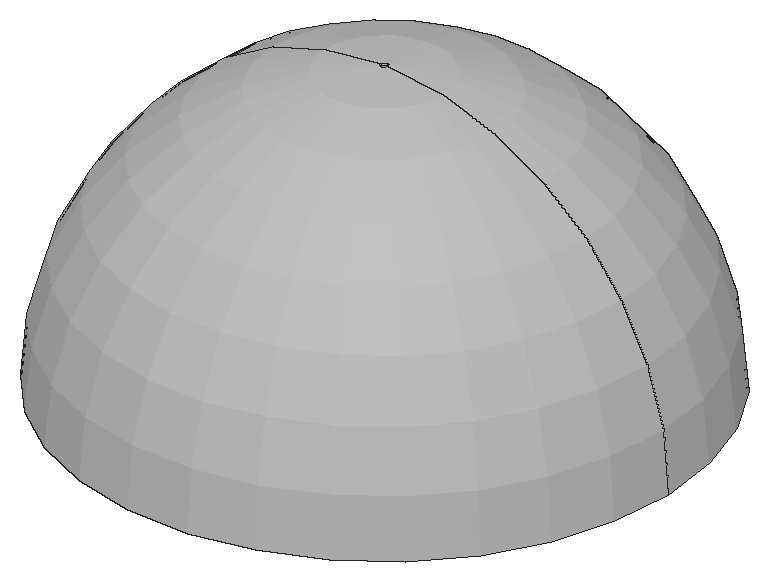
Revit family "HD42 SHADE", category Lighting Fixtures, Revit 2024
Family settings
  Round Connector Dimension = Use Diameter
  Part Type = Normal
  OmniClass Number = 23.80.70.00
  OmniClass Title = Lighting
  Work Plane-Based = No
  Always vertical = Yes
  Cut with Voids When Loaded = No
  Light Source = Yes
  Maintain Annotation Orientation = No
  Shared = No
  Room Calculation Point = No
Parameters
  Wattage = 12.1178 W
  built-in parameter 1150110 = 1 (stored number, unit not read)
  built-in parameter 1114217 = 1 (stored number, unit not read)
  built-in parameter 1150109 = 1 (stored number, unit not read)
  built-in parameter 1150134 = (empty or 0)
  built-in parameter 1150113 = 1 (stored number, unit not read)
  Lumens = 1800 lm
  built-in parameter 1150115 = 1 (stored number, unit not read)
  built-in parameter 1150105 = 572.96 (stored number, unit not read)
  Light Source Symbol Size = 2' - 0"
  built-in parameter 1150137 = (empty or 0)
  built-in parameter 1150139 = (empty or 0)
  built-in parameter 1150112 = 1 (stored number, unit not read)
  built-in parameter 1150114 = 1 (stored number, unit not read)
  built-in parameter 1150132 = 2
  built-in parameter 1150102 = (empty or 0)
  built-in parameter 1150138 = (empty or 0)
  built-in parameter 1150107 = 3000 (stored number, unit not read)
  built-in parameter 1150106 = 5.7296 (stored number, unit not read)
  built-in parameter 1150104 = 13.8 (stored number, unit not read)
  Dimming Lamp Color Temperature Shift = (empty or 0)
  Default Elevation = 0' - 0"
  Color Filter = 16777215
  built-in parameter 1114218 = 1 (stored number, unit not read)
  built-in parameter 1150133 = 10 (stored number, unit not read)
Reference planes (in)
  plane 1 "Light Source Axis (F/B)": y = 0
  plane 2: z = 0
  plane 3 "Light Source Axis (L/R)": x = 0
  plane 4 "Light Source Elevation": z = 54
Forms (in)
  Revolve 1, solid
    sketch origin (0, 0, 0) x (1, 0, 0) y (0, 0, 1)
      loop
        arc (-0.25, 74.99851) -> (-14.93737, 68.76059) -> (-21, 54) r 21
        line (-21, 54) -> (-20.90625, 54)
        arc (-20.90625, 54) -> (-14.87108, 68.6943) -> (-0.25, 74.90476) r 20.90625
        line (-0.25, 74.90476) -> (-0.25, 74.99851)
      axis (0, 74.99851) -> (0, 54)
    angle from 0 to 360
Dimensions and locks (in)
  aligned and locked: plane 3 "Light Source Axis (L/R)" to imposter light
  aligned and locked: plane 1 "Light Source Axis (F/B)" to imposter light
  aligned and locked: plane 4 "Light Source Elevation" to imposter light
  aligned and locked: level to plane 2
